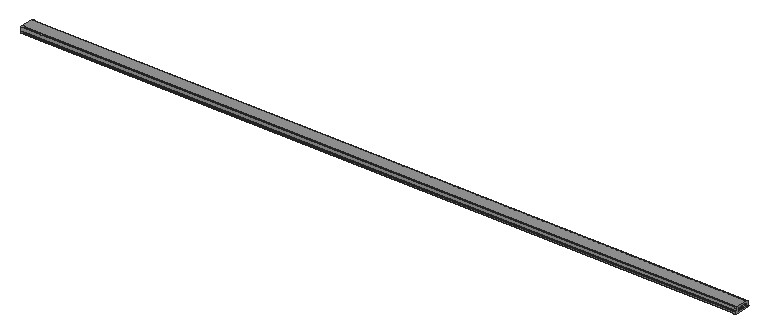
Revit family "LLED8000-STL-4RF", category Lighting Fixtures, Revit 2017
Family settings
  Round Connector Dimension = Use Diameter
  Part Type = Normal
  OmniClass Number = 23.80.70.00
  OmniClass Title = Lighting
  Work Plane-Based = Yes
  Always vertical = Yes
  Cut with Voids When Loaded = No
  Light Source = Yes
  Shared = No
  Room Calculation Point = No
Parameters (values of type "LLED8000-STL")
  Wattage = 9.2903 W
  built-in parameter 1150110 = 1 (stored number, unit not read)
  built-in parameter 1114217 = 1 (stored number, unit not read)
  Tilt Angle = 60.00°
  built-in parameter 1150109 = 1 (stored number, unit not read)
  built-in parameter 1150134 = 3
  built-in parameter 1150113 = 1 (stored number, unit not read)
  Photometric Web File = "generic"
  built-in parameter 1150142 = (empty or 0)
  built-in parameter 1150105 = 109.82 (stored number, unit not read)
  Lumens = 1380 lm
  built-in parameter 1150115 = 1 (stored number, unit not read)
  built-in parameter 1150137 = (empty or 0)
  built-in parameter 1150139 = (empty or 0)
  built-in parameter 1150112 = 1 (stored number, unit not read)
  built-in parameter 1150114 = 1 (stored number, unit not read)
  Length = 24.000"
  built-in parameter 1150132 = (empty or 0)
  built-in parameter 1150102 = (empty or 0)
  built-in parameter 1150107 = 3200 (stored number, unit not read)
  built-in parameter 1150138 = (empty or 0)
  built-in parameter 1150106 = 1.0982 (stored number, unit not read)
  Fixture cap = fixture cap
  Fixture = fixture
  Emit from Line Length = Length  # 24.000"
  built-in parameter 1150104 = 13.8 (stored number, unit not read)
  Dimming Lamp Color Temperature Shift = <None>
  Default Elevation = 96.000"
  Color Filter = 16777215
  Bulb = Glass
  built-in parameter 1114218 = 1 (stored number, unit not read)
  built-in parameter 1150133 = 10 (stored number, unit not read)
Reference planes (in)
  plane 1 "Light Source Axis (F/B)": y = 0
  plane 2: z = 0
  plane 3 "Light Source Axis (L/R)": x = 0
  plane 4 "Light Source Elevation": z = 54
  plane 5: z = 0
  plane 6: x = -12
  plane 7: x = 12
  plane 8: z = -0.2
  plane 9: y = -0.26
  plane 10: y = 0.26
Forms (in)
  Revolve 1, solid, not visible
    sketch origin (-0.00118, 0, 6.68102) x (1, 0, 0) y (0, 0, 1)
      loop
        line (0, 1.27453) -> (0.22, 1.27453) -> (0.22, 1.98615) -> (0, 1.98615) -> (0, 1.27453)
      axis (0, 1.98615) -> (0, 1.27453)
    angle from 0 to 360
  Extrusion 2, solid, material "fixture cap" <- "Fixture cap", not visible
    sketch origin (-0.00118, -0.05736, 6.68102) x (1, 0, 0) y (0, 0, 1)
      loop
        line (0, 1.6939) -> (0.66, 1.6939) -> (0.66, 1.98615) -> (0, 1.98615) -> (-0.66, 1.98615) -> (-0.66, 1.6939) -> (0, 1.6939)
    from -0.23545 to 0.11965
  Extrusion 3, void, not visible
    sketch origin (-0.00118, 0, 6.68102) x (1, 0, 0) y (0, 0, 1)
      loop
        arc (-0.66, 1.6939) -> (-0.58698, 1.88163) -> (-0.41477, 1.98615) r 0.31341
        line (-0.41477, 1.98615) -> (-0.66, 1.98615) -> (-0.66, 1.6939)
      loop
        line (0.66, 1.6939) -> (0.66, 1.98615) -> (0.41477, 1.98615)
        arc (0.41477, 1.98615) -> (0.58698, 1.88163) -> (0.66, 1.6939) r 0.31341
    from -0.17809 to 0.17701
  Blend 4, solid, not visible
    base sketch origin (-0.00118, 0, 7.13918) x (1, 0, 0) y (0, 1, 0)
      loop
        circle (0, 0) r 0.57599
    top sketch origin (-0.00118, 0, 7.13918) x (1, 0, 0) y (0, 1, 0)
      loop
        circle (0, 0) r 0.42
    from -0.52219 to 0.72781
  Blend 5, solid, not visible
    base sketch origin (-0.00118, 0, 6.68102) x (1, 0, 0) y (0, 1, 0)
      loop
        circle (0, 0) r 0.42
    top sketch origin (-0.00118, 0, 6.68102) x (1, 0, 0) y (0, 1, 0)
      loop
        circle (0, 0) r 0.22
    from 1.18597 to 1.27148
  Extrusion 6, void, not visible
    sketch origin (0.0069, 0, 6.93102) x (1, 0, 0) y (0, 1, 0)
      loop
        arc (-0.54002, 0.08041) -> (-0.58407, 0) -> (-0.54002, -0.08041) r 0.09541
        line (-0.54002, -0.08041) -> (-0.19879, -0.08041)
        arc (-0.19879, -0.08041) -> (-0.00676, -0.19306) -> (0.18528, -0.08041) r 0.22
        line (0.18528, -0.08041) -> (0.54002, -0.08041)
        arc (0.54002, -0.08041) -> (0.58407, 0) -> (0.54002, 0.08041) r 0.09541
        line (0.54002, 0.08041) -> (0.18542, 0.08041)
        arc (0.18542, 0.08041) -> (-0.00739, 0.19447) -> (-0.2002, 0.08041) r 0.22
        line (-0.2002, 0.08041) -> (-0.54002, 0.08041)
    from 1.43764 to 1.77364
  Revolve 7, solid, not visible
    sketch origin (-0.00118, 0, 4.43877) x (1, 0, 0) y (0, 0, 1)
      loop
        line (0, 2.17822) -> (0, 1.78225) -> (0.66857, 1.78225) -> (0.49227, 2.17822) -> (0, 2.17822)
      axis (0, 2.17822) -> (0, 1.78225)
    angle from 0 to 360
  Revolve 8, solid, not visible
    sketch origin (-0.00118, 0, 6.68102) x (1, 0, 0) y (0, 0, -1)
      loop
        line (0, -1.27453) -> (0, -1.98615) -> (0.22, -1.98615) -> (0.22, -1.27453) -> (0, -1.27453)
      axis (0, -1.98615) -> (0, -1.27453)
    angle from 0 to 360
  Extrusion 9, solid, material "fixture cap" <- "Fixture cap", not visible
    sketch origin (-0.00118, 0.05736, 6.68102) x (1, 0, 0) y (0, 0, -1)
      loop
        line (0, -0.68597) -> (-0.66, -0.68597) -> (-0.66, -1.98615) -> (0, -1.98615) -> (0.66, -1.98615) -> (0.66, -0.68597) -> (0, -0.68597)
    from -0.23545 to 0.11965
  Extrusion 10, void, not visible
    sketch origin (-0.00118, 0, 6.68102) x (1, 0, 0) y (0, 0, -1)
      loop
        line (-0.66, -1.6939) -> (-0.66, -1.98615) -> (-0.41477, -1.98615)
        arc (-0.41477, -1.98615) -> (-0.58698, -1.88163) -> (-0.66, -1.6939) r 0.31341
      loop
        arc (0.66, -1.6939) -> (0.58698, -1.88163) -> (0.41477, -1.98615) r 0.31341
        line (0.41477, -1.98615) -> (0.66, -1.98615) -> (0.66, -1.6939)
    from -0.17809 to 0.17701
  Blend 11, solid, not visible
    base sketch origin (-0.00118, 0, 6.68102) x (1, 0, 0) y (0, 1, 0)
      loop
        circle (0, 0) r 0.42
    top sketch origin (-0.00118, 0, 6.68102) x (1, 0, 0) y (0, 1, 0)
      loop
        circle (0, 0) r 0.22
    from 1.18597 to 1.27148
  Extrusion 12, void, not visible
    sketch origin (0.0069, 0, 6.93102) x (1, 0, 0) y (0, 1, 0)
      loop
        line (-0.54002, -0.08041) -> (-0.2002, -0.08041)
        arc (-0.2002, -0.08041) -> (-0.00739, -0.19447) -> (0.18542, -0.08041) r 0.22
        line (0.18542, -0.08041) -> (0.54002, -0.08041)
        arc (0.54002, -0.08041) -> (0.58407, 0) -> (0.54002, 0.08041) r 0.09541
        line (0.54002, 0.08041) -> (0.18528, 0.08041)
        arc (0.18528, 0.08041) -> (-0.00676, 0.19306) -> (-0.19879, 0.08041) r 0.22
        line (-0.19879, 0.08041) -> (-0.54002, 0.08041)
        arc (-0.54002, 0.08041) -> (-0.58407, 0) -> (-0.54002, -0.08041) r 0.09541
    from 1.43764 to 1.77364
  Extrusion 13, void, not visible
    sketch origin (-0.00118, 0, 6.83727) x (1, 0, 0) y (0, 0, -1)
      loop
        line (-0.50265, -1.4876) -> (-0.3469, -1.4876)
        arc (-0.3469, -1.4876) -> (-0.42478, -1.34712) -> (-0.50265, -1.4876) r 0.09183
      loop
        arc (0.50265, -1.4876) -> (0.42478, -1.34712) -> (0.3469, -1.4876) r 0.09183
        line (0.3469, -1.4876) -> (0.50265, -1.4876)
    from -0.22339 to 0.22501
  Extrusion 14, solid, not visible
    sketch origin (-0.00049, 0, 6.93102) x (1, 0, 0) y (0, 1, 0)
      loop
        line (-0.03443, 0) -> (-0.03443, -0.08951)
        arc (-0.03443, -0.08951) -> (-0.02214, -0.11039) -> (0, -0.12025) r 0.03974
        arc (0, -0.12025) -> (0.02214, -0.11039) -> (0.03443, -0.08951) r 0.03974
        line (0.03443, -0.08951) -> (0.03443, 0) -> (0.03443, 0.08951)
        arc (0.03443, 0.08951) -> (0.02214, 0.11039) -> (0, 0.12025) r 0.03974
        arc (0, 0.12025) -> (-0.02214, 0.11039) -> (-0.03443, 0.08951) r 0.03974
        line (-0.03443, 0.08951) -> (-0.03443, 0)
    from 1.43764 to 1.50249
  Extrusion 15, solid, material "fixture" <- "Fixture"
    sketch origin (-12, -0.27712, -0.25) x (0, 0, 1) y (0, -1, 0)
      loop
        line (0.05, -0.04626) -> (0.05, -0.50798)
        arc (0.05, -0.50798) -> (0.06793, -0.53488) -> (0.09966, -0.52867) r 0.02914
        line (0.09966, -0.52867) -> (0.12862, -0.50798) -> (0.22355, -0.50798)
        arc (0.22355, -0.50798) -> (0.24225, -0.50023) -> (0.25, -0.48153) r 0.02645
        line (0.25, -0.48153) -> (0.25, -0.07271)
        arc (0.25, -0.07271) -> (0.24225, -0.054) -> (0.22355, -0.04626) r 0.02645
        line (0.22355, -0.04626) -> (0.12862, -0.04626) -> (0.09966, -0.02557)
        arc (0.09966, -0.02557) -> (0.06793, -0.01936) -> (0.05, -0.04626) r 0.02914
      loop
        line (0.2169, -0.07936) -> (0.11762, -0.07936) -> (0.0831, -0.05039) -> (0.0831, -0.50384) -> (0.11762, -0.47488) -> (0.2169, -0.47488) -> (0.2169, -0.07936)
    from 0 to 24
  Extrusion 16, solid, material "Glass" <- "Bulb"
    sketch origin (0, 0, 0) x (0, 1, 0) y (0, 0, 1)
      loop
        line (0.07846, -0.1269) -> (-0.07846, -0.1269) -> (-0.07846, -0.1669) -> (0.07846, -0.1669) -> (0.07846, -0.1269)
    from -12 to 12
Dimensions and locks (in)
  plane 5 to plane 8 = 0.200"
  plane 7 to plane 6 = 24.000"
  plane 6 to plane 7 = 24.000"
  level to plane 8 = 0.200"
  plane 10 to plane 9 = 0.520"
  equal spacing: plane 6, plane 3 "Light Source Axis (L/R)", plane 7
  "Length": plane 6 to plane 7
  aligned and locked: level to plane 2
  aligned and locked: plane 6 to Extrusion 15
  aligned and locked: Extrusion 16 to plane 7
  aligned and locked: plane 6 to Extrusion 16
  aligned and locked: Extrusion 15 to plane 7
Automatic sketch dimensions
  plane 8 to Extrusion 15 sketch curve = 0.000"
  Extrusion 15 sketch curve to level = 0.000"
  Extrusion 15 sketch curve to Extrusion 15 sketch curve = 0.02914"  (x2)
  Extrusion 15 sketch curve to Extrusion 15 sketch curve = 0.00397"
  plane 10 to Extrusion 15 sketch curve = 0.00845"
  Extrusion 15 sketch curve to Extrusion 15 sketch curve = 0.02052"  (x2)
  plane 9 to Extrusion 15 sketch curve = 0.00845"
  Extrusion 15 sketch curve to Extrusion 15 sketch curve = 0.03452"  (x2)
  Extrusion 15 sketch curve to Extrusion 15 sketch curve = 0.011"  (x2)
  plane 10 to Extrusion 15 sketch curve = 0.02914"
  Extrusion 15 sketch curve to Extrusion 15 sketch curve = 0.00665"  (x3)
  Extrusion 15 sketch curve to level = 0.02645"
  Extrusion 15 sketch curve to Extrusion 15 sketch curve = 0.00414"  (x2)
  Extrusion 15 sketch curve to Extrusion 15 sketch curve = 0.0331"
  plane 1 "Light Source Axis (F/B)" to Extrusion 16 sketch curve = 0.07846"
  Extrusion 16 sketch curve to plane 8 = 0.0331"
  Extrusion 16 sketch curve to plane 1 "Light Source Axis (F/B)" = 0.07846"
  Extrusion 16 sketch curve to Extrusion 16 sketch curve = 0.040"
  Extrusion 15 sketch curve to level = 0.0331"
